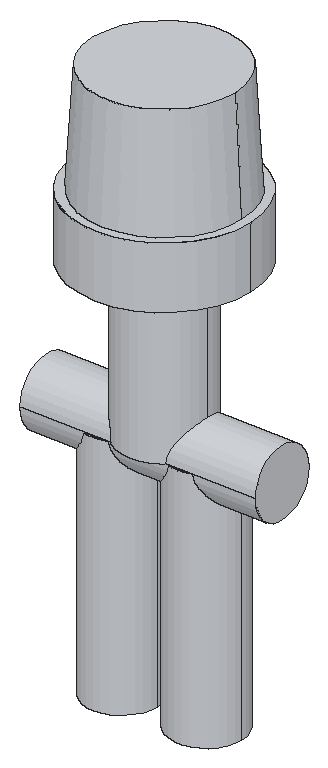
Revit family "304_Cim717PLF-_", category Pipe Accessories, Revit 2017
Family settings
  Round Connector Dimension = Use Diameter
  Part Type = Valve - Breaks Into
  Work Plane-Based = No
  Always vertical = Yes
  Cut with Voids When Loaded = No
  Shared = No
Parameters (values of type "Cim717PLF-10")
  magi_piping_given_dp [instance] = 0.0 Pa
  magiProductId = "Cim717PLF-10"
  magiProductFamilyId = "Cim717PLF-*"
  magiProductCode = "Cim717PLF-10"
  magiPartTypeId = 304
  ang2D [instance] = 0.00°
  W2D = 15 mm
  VersionID = "2.0/2015.11/CIMBERIO_CIM717_001"
  Use Minimum Symbol Size [instance] = yes
  URL = "www.cimberio.it"
  T = 15 mm
  QmdConnectorList = "301;D;302;D"
  Productdata [instance] = "© Progman Oy, all rights reserved"
  Manufacturer = "Cimberio"
  MC_Default_elevation = 0 mm
  LL = 26.5 mm
  L2D_Min = 3048 mm
  L2D = 53 mm
  L2 = 9.5 mm
  L = 53 mm
  H4__ve = -H4  # -55 mm
  H4 = 55 mm
  H3 = 36 mm
  H2 = 14 mm
  H1 = 25 mm
  Description = "AUTOMATIC BALANCING VALVE P.I.C.V. - PN 25 - \"CR\" BRASS - LOW FLOW"
  D2 = 16 mm
  D1 = 19.5 mm
  D = 15 mm
  CH = 19.5 mm
  CAT0 = yes
  A1 = 32 mm
  A = 35 mm
Types (2, lengths in mm): name | magiProductId | magiProductCode | W2D | T | LL | L2D | L2 | L | D1 | D
  Cim717PLF-10 | "Cim717PLF-10" | "Cim717PLF-10" | 15 | 15 | 26.5 | 53 | 9.5 | 53 | 19.5 | 15
  Cim717PLF-15 | "Cim717PLF-15" | "Cim717PLF-15" | 20 | 20 | 32.5 | 65 | 15 | 65 | 26 | 20
Reference planes
  plane 1 "Center (Front/Back)": y = 0
  plane 2 "XYPLANE": z = 0
  plane 3 "Center (Left/Right)": x = 0
  plane 4 "INIT_TEMP": y = 100
  plane 5 "72": x = 9.5
  plane 6 "71": x = -9.5
  plane 7 "70": z = 75
  plane 8 "69": z = 50
  plane 9 "68": z = 36
  plane 10 "67": x = 26.5
  plane 11 "66": x = -26.5
  plane 12 "65": z = 0
  plane 13 "64": x = 0
  plane 14 "63": y = 0
Forms (mm)
  Extrusion 1, solid, visible <- "CAT0"
    sketch origin (-750, 0, 36) x (1, 0, 0) y (0, 1, 0)
      loop
        circle (750, 0) r 19.5
    from 0 to 14 <- "H2"
  Extrusion 2, solid, visible <- "CAT0"
    sketch origin (-750, 0, 0) x (1, 0, 0) y (0, 1, 0)
      loop
        circle (759.5, 0) r 8
    from 0 to -55 <- "H4__ve"
  Extrusion 3, solid, visible <- "CAT0"
    sketch origin (-750, 0, 0) x (1, 0, 0) y (0, 1, 0)
      loop
        circle (740.5, 0) r 8
    from 0 to -55 <- "H4__ve"
  Blend 4, solid, visible <- "CAT0"
    base sketch origin (-750, 0, 50) x (1, 0, 0) y (0, 1, 0)
      loop
        circle (750, 0) r 17.5
    top sketch origin (-750, 0, 50) x (1, 0, 0) y (0, 1, 0)
      loop
        circle (750, 0) r 16
    from 0 to 25
  Extrusion 5, solid
    sketch origin (-750, 0, 0) x (1, 0, 0) y (0, 1, 0)
      loop
        circle (750, 0) r 9.75
    from 0 to 36 <- "H3"
  Extrusion 6, solid
    sketch origin (-26.5, -750, 0) x (0, 1, 0) y (0, 0, 1)
      loop
        circle (750, 0) r 7.5
    from 0 to 53 <- "L"
  Extrusion 7, solid, not visible
    sketch origin (26.5, -750, 0) x (0, 1, 0) y (0, 0, 1)
      loop
        circle (750, 0) r 10
    from 0 to -10
  Extrusion 8, solid, not visible
    sketch origin (-26.5, -750, 0) x (0, 1, 0) y (0, 0, 1)
      loop
        circle (750, 0) r 10
    from 0 to 10
Text (mm)
  text "© Progman Oy, all rights reserved" at (-472.209, -2482.653, 0), in view "Ref. Level"
Dimensions and locks
  plane 4 "INIT_TEMP" to plane 1 "Center (Front/Back)" = 100 mm
  "L2": plane 3 "Center (Left/Right)" to plane 5 "72"
  "L2": plane 3 "Center (Left/Right)" to plane 6 "71"
  "H1": plane 8 "69" to plane 7 "70"
  "H2": plane 9 "68" to plane 8 "69"
  "H3": plane 2 "XYPLANE" to plane 9 "68"
  "LL": plane 3 "Center (Left/Right)" to plane 10 "67"
  "LL": plane 3 "Center (Left/Right)" to plane 11 "66"
  locked: plane 2 "XYPLANE" to plane 12 "65"
  locked: plane 3 "Center (Left/Right)" to plane 13 "64"
  locked: plane 1 "Center (Front/Back)" to plane 14 "63"
  "CH": radius of Extrusion 1 sketch curve
  "D2": diameter of Extrusion 2 sketch curve
  "D2": diameter of Extrusion 3 sketch curve
  "A1": diameter of Blend 4 sketch curve
  "A": diameter of Blend 4 sketch curve
  "D1": diameter of Extrusion 5 sketch curve
  "T": diameter of Extrusion 6 sketch curve
  aligned and locked: level to plane 2 "XYPLANE"
  aligned and locked: plane 13 "64" to Extrusion 1 sketch curve
  aligned and locked: plane 14 "63" to Extrusion 1 sketch curve
  aligned and locked: plane 5 "72" to Extrusion 2 sketch curve
  aligned and locked: plane 14 "63" to Extrusion 2 sketch curve
  aligned and locked: plane 6 "71" to Extrusion 3 sketch curve
  aligned and locked: plane 14 "63" to Extrusion 3 sketch curve
  aligned and locked: plane 13 "64" to Blend 4 sketch curve  (x2)
  aligned and locked: plane 14 "63" to Blend 4 sketch curve  (x2)
  aligned and locked: plane 7 "70" to Blend 4
  aligned and locked: plane 13 "64" to Extrusion 5 sketch curve
  aligned and locked: plane 14 "63" to Extrusion 5 sketch curve
  aligned and locked: plane 12 "65" to Extrusion 6 sketch curve
  aligned and locked: Extrusion 6 sketch curve to plane 14 "63"
  aligned and locked: plane 12 "65" to Extrusion 7 sketch curve
  aligned and locked: Extrusion 7 sketch curve to plane 14 "63"
  aligned and locked: plane 12 "65" to Extrusion 8 sketch curve
  aligned and locked: Extrusion 8 sketch curve to plane 14 "63"
Automatic sketch dimensions
  plane 1 "Center (Front/Back)" to Extrusion 7 sketch curve = 10 mm
  plane 1 "Center (Front/Back)" to Extrusion 8 sketch curve = 10 mm
Connectors
  piping at (-26.5, 0, 0), diameter 15, driven by "D"
    settings: on Extrusion 8, index 1, connector inside diameter 609.6 mm, connector length 0 mm, flow factor 0, pipe flow 0.0 L/s, pressure drop 0.0 Pa, fitting loss kfactor 0, connector angle 0.00°, fixture units 0, engagement length 0 mm, angle of deflection 0.00°, flow configuration 0, flow direction 0, fitting loss method 0, system type 29, joint type 0, gender type 0, connector reference index 2, connector utility 0, adjustable connector no, is connector primary yes, connector description ""
  piping at (26.5, 0, 0), diameter 15, driven by "D"
    settings: on Extrusion 7, index 2, connector inside diameter 609.6 mm, connector length 0 mm, flow factor 0, pipe flow 0.0 L/s, pressure drop 0.0 Pa, fitting loss kfactor 0, connector angle 0.00°, fixture units 0, engagement length 0 mm, angle of deflection 0.00°, flow configuration 0, flow direction 0, fitting loss method 0, system type 29, joint type 0, gender type 0, connector reference index 1, connector utility 0, adjustable connector no, is connector primary no, connector description ""
